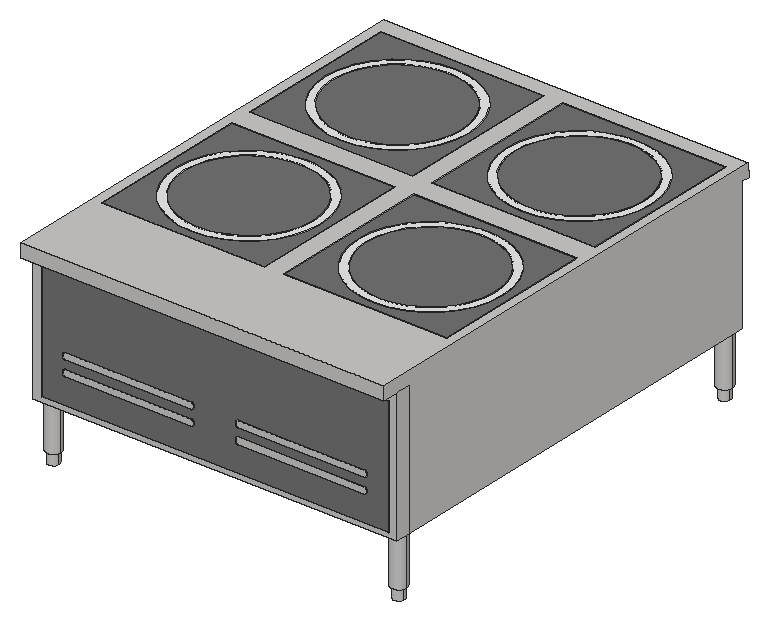
Revit family "QF_Vollrath_924HIDC", category Specialty Equipment, Revit 2016
Family settings
  Part Type = Normal
  Round Connector Dimension = Use Diameter
  OmniClass Number = 23.40.40.14.17.14
  OmniClass Title = Hot Plates
  Work Plane-Based = No
  Always vertical = Yes
  Cut with Voids When Loaded = No
  Shared = No
  Room Calculation Point = No
Parameters (values of type "240V")
  Weight in Pounds = 86
  Watts_2 = 5800 W
  Watts = 5800 W
  Watermarked By = "http://revitwatermark.com"
  Volts_2 = 240 V
  Volts = 240 V
  URL Cutsheet = ""
  URL = "www.vollrathco.com"
  Type Comments = ""
  Status [instance] = ""
  Specification by User [instance] = ""
  Specification by Manufacturer = ""
  Serial Number [instance] = ""
  Seismic Rating [instance] = ""
  Revision Code [instance] = ""
  Phase_2 = 1
  Phase = 1
  Number of Poles_2 [instance] = 1
  Number of Poles [instance] = 1
  NAFEM Spec ID Number [instance] = ""
  Model = "924HIDC"
  Masterspec = ""
  Manufacturer = "Vollrath"
  Item Number [instance] = ""
  Installed By [instance] = ""
  Height AFF [instance] = 36.00"
  Furnished By [instance] = ""
  Foodservice Equipment Identifier [instance] = yes
  FL Amps_2 = 24 A
  FL Amps = 24 A
  Electrical Remarks_2 [instance] = "DEDICATED CIRCUIT"
  Electrical Remarks [instance] = "DEDICATED CIRCUIT"
  Electric Connection Type_2 [instance] = ""
  Electric Connection Type [instance] = ""
  Elec Conn Two [instance] = ""
  Elec Conn RI Height_2 [instance] = 0.00"
  Elec Conn RI Height [instance] = 0.00"
  Elec Conn Connection Height_2 = 6.00"
  Elec Conn Connection Height = 6.00"
  Description = "Induction Hot Plate"
  Cycle_2 = 60 Hz
  Cycle = 60 Hz
  Conn Plug_2 = "NEMA 6-30P"
  Conn Plug = "NEMA 6-30P"
  CSI MasterFormat = "11 42 13"
  Assembly Code = "E1090320"
  Apparent Power_2 = Volts_2 * FL Amps_2 * sqrt(Phase_2)  # 5760 VA
  Apparent Power = if(Phase = 3, Volts * FL Amps * 1.73, Volts * FL Amps)  # 5760 VA
Types (2): name | Watts_2 | Watts | Volts_2 | Volts | Apparent Power_2 | Apparent Power
  208V | 5000 W | 5000 W | 208 V | 208 V | 4992 VA | 4992 VA
  240V | 5800 W | 5800 W | 240 V | 240 V | 5760 VA | 5760 VA
Reference planes (in)
  plane 1: z = 0
  plane 2 "LEFT": x = 48
  plane 3 "BACK": y = -48
  plane 4 "BOTTOM": z = 36
  plane 5 "FRONT": y = -78
  plane 6: z = 26.5796
  plane 7 "TOP": z = 49.625
  plane 8: y = -47.5
  plane 9: x = 56.69695
  plane 10: x = 47.5
  plane 11: y = -48.5
  plane 12: y = -77
  plane 13: x = 48.5
  plane 14: z = 36.75
  plane 15: z = 40
  plane 16: x = 59.37
  plane 17: x = 48.63
  plane 18: z = 48.75
  plane 19: z = 48.11159
  plane 20: x = 49.29917
  plane 21: z = 40.28782
  plane 22: y = -49.08388
  plane 23: y = -59.83388
  plane 24: z = 49.26188
  plane 25 "RIGHT": x = 72
  plane 26: x = 72.5
  plane 27: z = 41
  plane 28: x = 71
  plane 29: x = 49
  plane 30: z = 42.03173
  plane 31: z = 43.03173
Forms (in)
  Extrusion 1, solid, material "QF_Finishes_Stainless Steel", not visible
    sketch origin (0, -75.61667, 13.94238) x (-1, 0, 0) y (0, 0.422618, 0.906308)
      loop
        line (-61.50401, 16.83949) -> (-49.55058, 16.83949) -> (-49.55058, 21.54291) -> (-61.50401, 21.54291) -> (-61.50401, 16.83949)
      loop
        circle (-51.11798, 19.07879) r 1.25
      loop
        circle (-51.11798, 19.07879) r 1
      loop
        line (-54.03077, 21.06689) -> (-57.03077, 21.06689) -> (-57.03077, 20.31689) -> (-54.03077, 20.31689) -> (-54.03077, 21.06689)
      loop
        circle (-54.03077, 17.5068) r 0.25
      loop
        circle (-56.78077, 17.5068) r 0.25
    from 0 to 0.68909
  Extrusion 2, solid, material "QF_Finishes_Black", not visible
    sketch origin (0, -75.54289, 2.05167) x (-1, 0, 0) y (0, 0.422618, 0.906308)
      loop
        circle (-51.11798, 29.82425) r 1.25
      loop
        circle (-51.11798, 29.82425) r 1
    from -5.0921 to -4.40301
  Extrusion 3, solid, material "QF_Finishes_Black", not visible
    sketch origin (0, -75.78725, 14.03463) x (-1, 0, 0) y (0, 0.406737, 0.913545)
      loop
        line (-57.03077, 21.03676) -> (-57.03077, 20.35703) -> (-54.03077, 20.35703) -> (-54.03077, 21.03676) -> (-57.03077, 21.03676)
      loop
        circle (-54.03077, 17.5068) r 0.25
      loop
        circle (-56.78077, 17.5068) r 0.25
    from 0.54411 to 1.25
  Extrusion 4, solid, material "QF_Finishes_Dark Grey", not visible
    sketch origin (0, -70.09177, 5.66795) x (-1, 0, 0) y (0, 0.422618, 0.906308)
      loop
        circle (-52.11896, 26.29929) r 0.25
      loop
        circle (-53.36896, 26.29929) r 0.25
      loop
        circle (-54.61896, 26.29929) r 0.25
      loop
        circle (-55.86896, 26.29929) r 0.25
      loop
        circle (-57.11896, 26.29929) r 0.25
      loop
        circle (-58.36896, 26.29929) r 0.25
    from 7.45399 to 7.92109
  Extrusion 5, solid, material "QF_Finishes_Stainless Steel", not visible
    sketch origin (0, -61.5, 0) x (-1, 0, 0) y (0, 0, 1)
      loop
        circle (-49.14244, 32.63817) r 0.1236
    from 0 to 12
  Extrusion 6, solid, material "QF_Finishes_Stainless Steel", not visible
    sketch origin (24.25, -61.5, 0) x (-1, 0, 0) y (0, 0, 1)
      loop
        circle (-49.14244, 32.63817) r 0.1236
    from 0 to 12
  Extrusion 7, solid, material "QF_Finishes_Stainless Steel", not visible
    sketch origin (0.75781, -61.5, 0) x (-1, 0, 0) y (0, 0, 1)
      loop
        circle (-49.14244, 32.63817) r 0.1236
    from 0 to 12
  Extrusion 8, solid, material "QF_Finishes_Stainless Steel", not visible
    sketch origin (1.51562, -61.5, 0) x (-1, 0, 0) y (0, 0, 1)
      loop
        circle (-49.14244, 32.63817) r 0.1236
    from 0 to 12
  Extrusion 9, solid, material "QF_Finishes_Stainless Steel", not visible
    sketch origin (2.27344, -61.5, 0) x (-1, 0, 0) y (0, 0, 1)
      loop
        circle (-49.14244, 32.63817) r 0.1236
    from 0 to 12
  Extrusion 10, solid, material "QF_Finishes_Stainless Steel", not visible
    sketch origin (3.03125, -61.5, 0) x (-1, 0, 0) y (0, 0, 1)
      loop
        circle (-49.14244, 32.63817) r 0.1236
    from 0 to 12
  Extrusion 11, solid, material "QF_Finishes_Stainless Steel", not visible
    sketch origin (3.78906, -61.5, 0) x (-1, 0, 0) y (0, 0, 1)
      loop
        circle (-49.14244, 32.63817) r 0.1236
    from 0 to 12
  Extrusion 12, solid, material "QF_Finishes_Stainless Steel", not visible
    sketch origin (4.54687, -61.5, 0) x (-1, 0, 0) y (0, 0, 1)
      loop
        circle (-49.14244, 32.63817) r 0.1236
    from 0 to 12
  Extrusion 13, solid, material "QF_Finishes_Stainless Steel", not visible
    sketch origin (5.30469, -61.5, 0) x (-1, 0, 0) y (0, 0, 1)
      loop
        circle (-49.14244, 32.63817) r 0.1236
    from 0 to 12
  Extrusion 14, solid, material "QF_Finishes_Stainless Steel", not visible
    sketch origin (6.0625, -61.5, 0) x (-1, 0, 0) y (0, 0, 1)
      loop
        circle (-49.14244, 32.63817) r 0.1236
    from 0 to 12
  Extrusion 15, solid, material "QF_Finishes_Stainless Steel", not visible
    sketch origin (6.82031, -61.5, 0) x (-1, 0, 0) y (0, 0, 1)
      loop
        circle (-49.14244, 32.63817) r 0.1236
    from 0 to 12
  Extrusion 16, solid, material "QF_Finishes_Stainless Steel", not visible
    sketch origin (7.57812, -61.5, 0) x (-1, 0, 0) y (0, 0, 1)
      loop
        circle (-49.14244, 32.63817) r 0.1236
    from 0 to 12
  Extrusion 17, solid, material "QF_Finishes_Stainless Steel", not visible
    sketch origin (8.33594, -61.5, 0) x (-1, 0, 0) y (0, 0, 1)
      loop
        circle (-49.14244, 32.63817) r 0.1236
    from 0 to 12
  Extrusion 18, solid, material "QF_Finishes_Stainless Steel", not visible
    sketch origin (9.09375, -61.5, 0) x (-1, 0, 0) y (0, 0, 1)
      loop
        circle (-49.14244, 32.63817) r 0.1236
    from 0 to 12
  Extrusion 19, solid, material "QF_Finishes_Stainless Steel", not visible
    sketch origin (9.85156, -61.5, 0) x (-1, 0, 0) y (0, 0, 1)
      loop
        circle (-49.14244, 32.63817) r 0.1236
    from 0 to 12
  Extrusion 20, solid, material "QF_Finishes_Stainless Steel", not visible
    sketch origin (10.60937, -61.5, 0) x (-1, 0, 0) y (0, 0, 1)
      loop
        circle (-49.14244, 32.63817) r 0.1236
    from 0 to 12
  Extrusion 21, solid, material "QF_Finishes_Stainless Steel", not visible
    sketch origin (11.36719, -61.5, 0) x (-1, 0, 0) y (0, 0, 1)
      loop
        circle (-49.14244, 32.63817) r 0.1236
    from 0 to 12
  Extrusion 22, solid, material "QF_Finishes_Stainless Steel", not visible
    sketch origin (12.125, -61.5, 0) x (-1, 0, 0) y (0, 0, 1)
      loop
        circle (-49.14244, 32.63817) r 0.1236
    from 0 to 12
  Extrusion 23, solid, material "QF_Finishes_Stainless Steel", not visible
    sketch origin (12.88281, -61.5, 0) x (-1, 0, 0) y (0, 0, 1)
      loop
        circle (-49.14244, 32.63817) r 0.1236
    from 0 to 12
  Extrusion 24, solid, material "QF_Finishes_Stainless Steel", not visible
    sketch origin (13.64062, -61.5, 0) x (-1, 0, 0) y (0, 0, 1)
      loop
        circle (-49.14244, 32.63817) r 0.1236
    from 0 to 12
  Extrusion 25, solid, material "QF_Finishes_Stainless Steel", not visible
    sketch origin (14.39844, -61.5, 0) x (-1, 0, 0) y (0, 0, 1)
      loop
        circle (-49.14244, 32.63817) r 0.1236
    from 0 to 12
  Extrusion 26, solid, material "QF_Finishes_Stainless Steel", not visible
    sketch origin (15.15625, -61.5, 0) x (-1, 0, 0) y (0, 0, 1)
      loop
        circle (-49.14244, 32.63817) r 0.1236
    from 0 to 12
  Extrusion 27, solid, material "QF_Finishes_Stainless Steel", not visible
    sketch origin (15.91406, -61.5, 0) x (-1, 0, 0) y (0, 0, 1)
      loop
        circle (-49.14244, 32.63817) r 0.1236
    from 0 to 12
  Extrusion 28, solid, material "QF_Finishes_Stainless Steel", not visible
    sketch origin (16.67187, -61.5, 0) x (-1, 0, 0) y (0, 0, 1)
      loop
        circle (-49.14244, 32.63817) r 0.1236
    from 0 to 12
  Extrusion 29, solid, material "QF_Finishes_Stainless Steel", not visible
    sketch origin (17.42969, -61.5, 0) x (-1, 0, 0) y (0, 0, 1)
      loop
        circle (-49.14244, 32.63817) r 0.1236
    from 0 to 12
  Extrusion 30, solid, material "QF_Finishes_Stainless Steel", not visible
    sketch origin (18.1875, -61.5, 0) x (-1, 0, 0) y (0, 0, 1)
      loop
        circle (-49.14244, 32.63817) r 0.1236
    from 0 to 12
  Extrusion 31, solid, material "QF_Finishes_Stainless Steel", not visible
    sketch origin (18.94531, -61.5, 0) x (-1, 0, 0) y (0, 0, 1)
      loop
        circle (-49.14244, 32.63817) r 0.1236
    from 0 to 12
  Extrusion 32, solid, material "QF_Finishes_Stainless Steel", not visible
    sketch origin (19.70312, -61.5, 0) x (-1, 0, 0) y (0, 0, 1)
      loop
        circle (-49.14244, 32.63817) r 0.1236
    from 0 to 12
  Extrusion 33, solid, material "QF_Finishes_Stainless Steel", not visible
    sketch origin (20.46094, -61.5, 0) x (-1, 0, 0) y (0, 0, 1)
      loop
        circle (-49.14244, 32.63817) r 0.1236
    from 0 to 12
  Extrusion 34, solid, material "QF_Finishes_Stainless Steel", not visible
    sketch origin (21.21875, -61.5, 0) x (-1, 0, 0) y (0, 0, 1)
      loop
        circle (-49.14244, 32.63817) r 0.1236
    from 0 to 12
  Extrusion 35, solid, material "QF_Finishes_Stainless Steel", not visible
    sketch origin (21.97656, -61.5, 0) x (-1, 0, 0) y (0, 0, 1)
      loop
        circle (-49.14244, 32.63817) r 0.1236
    from 0 to 12
  Extrusion 36, solid, material "QF_Finishes_Stainless Steel", not visible
    sketch origin (22.73437, -61.5, 0) x (-1, 0, 0) y (0, 0, 1)
      loop
        circle (-49.14244, 32.63817) r 0.1236
    from 0 to 12
  Extrusion 37, solid, material "QF_Finishes_Stainless Steel", not visible
    sketch origin (23.49219, -61.5, 0) x (-1, 0, 0) y (0, 0, 1)
      loop
        circle (-49.14244, 32.63817) r 0.1236
    from 0 to 12
  Extrusion 38, solid, material "QF_Finishes_Stainless Steel", not visible
    sketch origin (0, -63.31853, -5.50809) x (1, 0, 0) y (0, 0.5, 0.866025)
      loop
        line (47.2877, 27.93) -> (47.2877, 25.68) -> (63.33689, 25.68) -> (63.33689, 27.93) -> (47.2877, 27.93)
      loop
        line (47.47803, 27.77623) -> (47.47803, 25.78901) -> (63.1877, 25.78901) -> (63.1877, 27.77623) -> (47.47803, 27.77623)
    from 18.14569 to 18.5
  Extrusion 39, solid, material "QF_Finishes_Stainless Steel", not visible
    sketch origin (0, -63.31853, -5.50809) x (1, 0, 0) y (0, 0.5, 0.866025)
      loop
        line (47.2877, 27.77623) -> (47.2877, 25.78901) -> (63.1877, 25.78901) -> (63.1877, 27.77623) -> (47.2877, 27.77623)
      loop
        line (47.47803, 27.66901) -> (47.47803, 25.91901) -> (63.08313, 25.91901) -> (63.08313, 27.66901) -> (47.47803, 27.66901)
    from 18.14569 to 18.5
  Extrusion 40, solid, material "QF_Finishes_Stainless Steel", not visible
    sketch origin (3, -63.31853, -5.50809) x (1, 0, 0) y (0, 0.5, 0.866025)
      loop
        line (55.07331, 27.05441) -> (55.07331, 26.55441) -> (56.82331, 26.55441) -> (56.82331, 27.05441) -> (55.07331, 27.05441)
      loop
        circle (53.94695, 26.80981) r 0.25
      loop
        circle (57.87771, 26.79276) r 0.25
      loop
        circle (59.12771, 26.79276) r 0.25
    from 18.14569 to 18.5
  Extrusion 41, solid, material "QF_Finishes_Stainless Steel", not visible
    sketch origin (0, -63.31853, -5.50809) x (1, 0, 0) y (0, 0.5, 0.866025)
      loop
        circle (56.94695, 26.80981) r 0.25
      loop
        circle (60.87771, 26.79276) r 0.25
      loop
        line (58.07331, 27.05441) -> (58.07331, 26.55441) -> (59.82331, 26.55441) -> (59.82331, 27.05441) -> (58.07331, 27.05441)
      loop
        circle (62.12771, 26.79276) r 0.25
    from 18.14569 to 18.5
  Extrusion 42, solid, material "QF_Finishes_Dark Grey", not visible
    sketch origin (0, -63.81619, -5.29253) x (1, 0, 0) y (0, 0.5, 0.866025)
      loop
        line (47.47803, 25.98116) -> (63.08313, 25.98116) -> (63.08313, 27.73116) -> (47.47803, 27.73116) -> (47.47803, 25.98116)
      loop
        circle (62.11833, 26.8549) r 0.25
      loop
        circle (60.86833, 26.8549) r 0.25
      loop
        line (59.81393, 26.61655) -> (59.81393, 27.11655) -> (58.06393, 27.11655) -> (58.06393, 26.61655) -> (59.81393, 26.61655)
      loop
        circle (56.93757, 26.87196) r 0.25
    from 17.96123 to 17.60693
  Extrusion 43, solid, material "QF_Finishes_Stainless Steel", not visible
    sketch origin (-4.5, -63.31853, -5.50809) x (1, 0, 0) y (0, 0.5, 0.866025)
      loop
        line (55.07331, 27.05441) -> (55.07331, 26.55441) -> (56.82331, 26.55441) -> (56.82331, 27.05441) -> (55.07331, 27.05441)
      loop
        circle (53.94695, 26.80981) r 0.25
      loop
        circle (57.87771, 26.79276) r 0.25
      loop
        circle (59.12771, 26.79276) r 0.25
    from 18.14569 to 18.5
  Extrusion 44, solid, material "QF_Finishes_Stainless Steel", not visible
    sketch origin (-7.5, -63.31853, -5.50809) x (1, 0, 0) y (0, 0.5, 0.866025)
      loop
        circle (56.94695, 26.80981) r 0.25
      loop
        circle (60.87771, 26.79276) r 0.25
      loop
        line (58.07331, 27.05441) -> (58.07331, 26.55441) -> (59.82331, 26.55441) -> (59.82331, 27.05441) -> (58.07331, 27.05441)
      loop
        circle (62.12771, 26.79276) r 0.25
    from 18.14569 to 18.76495
  Extrusion 45, solid, material "QF_Finishes_Stainless Steel"
    sketch origin (48, 0, 0) x (0, 1, 0) y (0, 0, 1)
      loop
        line (-76, 49.26188) -> (-78, 49.26188) -> (-78, 48.75) -> (-76, 48.75) -> (-76, 49.26188)
    from 0 to 12
  Extrusion 46, solid, material "QF_Finishes_Stainless Steel"
    sketch origin (0, 0, 0) x (1, 0, 0) y (0, 1, 0)
      loop
        line (60, -48) -> (48, -48) -> (48, -78) -> (60, -78) -> (60, -48)
      loop
        line (48.63, -49.08388) -> (48.63, -59.83388) -> (59.37, -59.83388) -> (59.37, -49.08388) -> (48.63, -49.08388)
      loop
        line (48.63, -61.36797) -> (48.63, -72.08388) -> (59.37, -72.08388) -> (59.37, -61.36797) -> (48.63, -61.36797)
    from 49.26188 to 49.625
  Extrusion 47, solid, material "QF_Finishes_Dark Grey"
    sketch origin (0, 0, 0) x (1, 0, 0) y (0, 1, 0)
      loop
        line (48.63, -49.08388) -> (48.63, -59.83388) -> (59.37, -59.83388) -> (59.37, -49.08388) -> (48.63, -49.08388)
      loop
        line (48.63, -61.36797) -> (48.63, -72.08388) -> (59.37, -72.08388) -> (59.37, -61.36797) -> (48.63, -61.36797)
      loop
        circle (54.07471, -54.51988) r 4.75
      loop
        circle (54.07471, -54.51988) r 4.25
      loop
        circle (54.07471, -66.76988) r 4.75
      loop
        circle (54.07471, -66.76988) r 4.25
    from 49.26188 to 49.625
  Extrusion 48, solid, material "QF_Finishes_White"
    sketch origin (0, 0, 0) x (1, 0, 0) y (0, 1, 0)
      loop
        circle (54.07471, -54.51988) r 4.75
      loop
        circle (54.07471, -54.51988) r 4.25
      loop
        circle (54.07471, -66.76988) r 4.75
      loop
        circle (54.07471, -66.76988) r 4.25
    from 49.26188 to 49.625
  Extrusion 49, solid, material "QF_Finishes_Stainless Steel"
    sketch origin (60, 0, 0) x (0, 1, 0) y (0, 0, 1)
      loop
        line (-76, 49.26188) -> (-78, 49.26188) -> (-78, 48.75) -> (-76, 48.75) -> (-76, 49.26188)
    from 0 to 12
  Extrusion 50, solid, material "QF_Finishes_Stainless Steel"
    sketch origin (12, 0, 0) x (1, 0, 0) y (0, 1, 0)
      loop
        line (60, -48) -> (48, -48) -> (48, -78) -> (60, -78) -> (60, -48)
      loop
        line (48.63, -49.08388) -> (48.63, -59.83388) -> (59.37, -59.83388) -> (59.37, -49.08388) -> (48.63, -49.08388)
      loop
        line (48.63, -61.36797) -> (48.63, -72.08388) -> (59.37, -72.08388) -> (59.37, -61.36797) -> (48.63, -61.36797)
    from 49.26188 to 49.625
  Extrusion 51, solid, material "QF_Finishes_Dark Grey"
    sketch origin (12, 0, 0) x (1, 0, 0) y (0, 1, 0)
      loop
        line (48.63, -49.08388) -> (48.63, -59.83388) -> (59.37, -59.83388) -> (59.37, -49.08388) -> (48.63, -49.08388)
      loop
        line (48.63, -61.36797) -> (48.63, -72.08388) -> (59.37, -72.08388) -> (59.37, -61.36797) -> (48.63, -61.36797)
      loop
        circle (54.07471, -54.51988) r 4.75
      loop
        circle (54.07471, -54.51988) r 4.25
      loop
        circle (54.07471, -66.76988) r 4.75
      loop
        circle (54.07471, -66.76988) r 4.25
    from 49.26188 to 49.625
  Extrusion 52, solid, material "QF_Finishes_White"
    sketch origin (12, 0, 0) x (1, 0, 0) y (0, 1, 0)
      loop
        circle (54.07471, -54.51988) r 4.75
      loop
        circle (54.07471, -54.51988) r 4.25
      loop
        circle (54.07471, -66.76988) r 4.75
      loop
        circle (54.07471, -66.76988) r 4.25
    from 49.26188 to 49.625
  Extrusion 53, solid, material "QF_Finishes_Stainless Steel"
    sketch origin (12, -48, 0) x (1, 0, 0) y (0, 0, 1)
      loop
        line (36, 48.75) -> (36, 40) -> (60, 40) -> (60, 48.75) -> (36, 48.75)
      loop
        line (59.5, 48.11159) -> (36.63, 48.11159) -> (36.63, 40.28782) -> (59.5, 40.28782) -> (59.5, 48.11159)
    from 28 to 29
  Extrusion 54, solid, material "QF_Finishes_Stainless Steel"
    sketch origin (48, 0, 0) x (0, 1, 0) y (0, 0, 1)
      loop
        line (-76, 49.26188) -> (-76, 40) -> (-48.5, 40) -> (-48.5, 48.75) -> (-48, 48.75) -> (-48, 49.26188) -> (-76, 49.26188)
    from 0 to 24
  Extrusion 55, solid, material "QF_Finishes_Clearances", detail levels coarse
    sketch origin (0, 0, 0) x (1, 0, 0) y (0, 1, 0)
      loop
        line (48, -78) -> (48, -48) -> (72, -48) -> (72, -78) -> (72.5, -78) -> (72.5, -47.5) -> (47.5, -47.5) -> (47.5, -78) -> (48, -78)
    from 36 to 49.625
  Extrusion 56, solid, material "QF_Finishes_Stainless Steel"
    sketch origin (0.09491, -0.62339, -10) x (1, 0, 0) y (0, 1, 0)
      loop
        circle (48.5, -48.5) r 0.5
    from 46.75 to 50
  Extrusion 57, solid, material "QF_Finishes_Stainless Steel"
    sketch origin (22.85343, -0.62339, -9.9353) x (1, 0, 0) y (0, 1, 0)
      loop
        circle (48.5, -48.5) r 0.5
    from 49.9353 to 46.6853
  Extrusion 58, solid, material "QF_Finishes_Stainless Steel"
    sketch origin (22.85343, 27.62661, -9.9353) x (1, 0, 0) y (0, 1, 0)
      loop
        circle (48.5, -76.75) r 0.35
    from 46.6853 to 45.9353
  Extrusion 59, solid, material "QF_Finishes_Stainless Steel"
    sketch origin (22.85343, -27.5, -9.9353) x (1, 0, 0) y (0, 1, 0)
      loop
        circle (48.5, -48.5) r 0.5
    from 49.9353 to 46.6853
  Extrusion 60, solid, material "QF_Finishes_Stainless Steel"
    sketch origin (22.85343, 0.75, -9.9353) x (1, 0, 0) y (0, 1, 0)
      loop
        circle (48.5, -76.75) r 0.35
    from 46.6853 to 45.9353
  Extrusion 61, solid, material "QF_Finishes_Stainless Steel"
    sketch origin (0.09491, -27.5, -10) x (1, 0, 0) y (0, 1, 0)
      loop
        circle (48.5, -48.5) r 0.5
    from 50 to 46.75
  Extrusion 62, solid, material "QF_Finishes_Stainless Steel"
    sketch origin (0.09491, 0.75, -10) x (1, 0, 0) y (0, 1, 0)
      loop
        circle (48.5, -76.75) r 0.35
    from 46.75 to 46
  Extrusion 63, solid, material "QF_Finishes_Stainless Steel"
    sketch origin (0, -48, 0) x (1, 0, 0) y (0, 0, 1)
      loop
        circle (71, 41) r 0.25
    from 0.11826 to 0.5
  Extrusion 64, solid, material "QF_Finishes_Stainless Steel"
    sketch origin (0, -48, 0) x (1, 0, 0) y (0, 0, 1)
      loop
        line (50.19658, 43.03173) -> (58.44658, 43.03173)
        arc (58.44658, 43.03173) -> (58.6673, 43.25245) -> (58.44658, 43.47317) r 0.22072
        line (58.44658, 43.47317) -> (50.19658, 43.47317)
        arc (50.19658, 43.47317) -> (49.97587, 43.25245) -> (50.19658, 43.03173) r 0.22072
      loop
        line (50.19658, 42.03173) -> (58.44658, 42.03173)
        arc (58.44658, 42.03173) -> (58.6673, 42.25245) -> (58.44658, 42.47317) r 0.22072
        line (58.44658, 42.47317) -> (50.19658, 42.47317)
        arc (50.19658, 42.47317) -> (49.97587, 42.25245) -> (50.19658, 42.03173) r 0.22072
      loop
        line (61.59759, 43.03173) -> (69.84759, 43.03173)
        arc (69.84759, 43.03173) -> (70.06831, 43.25245) -> (69.84759, 43.47317) r 0.22072
        line (69.84759, 43.47317) -> (61.59759, 43.47317)
        arc (61.59759, 43.47317) -> (61.37687, 43.25245) -> (61.59759, 43.03173) r 0.22072
      loop
        line (61.59759, 42.03173) -> (69.84759, 42.03173)
        arc (69.84759, 42.03173) -> (70.06831, 42.25245) -> (69.84759, 42.47317) r 0.22072
        line (69.84759, 42.47317) -> (61.59759, 42.47317)
        arc (61.59759, 42.47317) -> (61.37687, 42.25245) -> (61.59759, 42.03173) r 0.22072
    from 28 to 29
  Extrusion 65, solid, material "QF_Finishes_Dark Grey"
    sketch origin (0, -48, 0) x (1, 0, 0) y (0, 0, 1)
      loop
        line (48.63, 48.11159) -> (48.63, 40.28782) -> (71.5, 40.28782) -> (71.5, 48.11159) -> (48.63, 48.11159)
      loop
        arc (50.19658, 43.47317) -> (49.97587, 43.25245) -> (50.19658, 43.03173) r 0.22072
        line (50.19658, 43.03173) -> (58.44658, 43.03173)
        arc (58.44658, 43.03173) -> (58.6673, 43.25245) -> (58.44658, 43.47317) r 0.22072
        line (58.44658, 43.47317) -> (50.19658, 43.47317)
      loop
        arc (58.44658, 42.03173) -> (58.6673, 42.25245) -> (58.44658, 42.47317) r 0.22072
        line (58.44658, 42.47317) -> (50.19658, 42.47317)
        arc (50.19658, 42.47317) -> (49.97587, 42.25245) -> (50.19658, 42.03173) r 0.22072
        line (50.19658, 42.03173) -> (58.44658, 42.03173)
      loop
        arc (61.59759, 43.47926) -> (61.37687, 43.25854) -> (61.59759, 43.03782) r 0.22072
        line (61.59759, 43.03782) -> (69.84759, 43.03782)
        arc (69.84759, 43.03782) -> (70.06831, 43.25854) -> (69.84759, 43.47926) r 0.22072
        line (69.84759, 43.47926) -> (61.59759, 43.47926)
      loop
        arc (61.59759, 42.47926) -> (61.37687, 42.25854) -> (61.59759, 42.03782) r 0.22072
        line (61.59759, 42.03782) -> (69.84759, 42.03782)
        arc (69.84759, 42.03782) -> (70.06831, 42.25854) -> (69.84759, 42.47926) r 0.22072
        line (69.84759, 42.47926) -> (61.59759, 42.47926)
    from 28 to 29
  Extrusion 66, solid, material "QF_Finishes_Stainless Steel"
    sketch origin (-21.70083, -48, 0) x (1, 0, 0) y (0, 0, 1)
      loop
        circle (71, 41) r 0.25
    from 0.11826 to 0.5
Cuts and joins
  joined: Extrusion 45, Extrusion 46, Extrusion 49, Extrusion 50, Extrusion 54
Lines and regions (in)
  symbolic lines
    curve 1: line (48, -78, 0) -> (60, -78, 0)
    curve 2: line (60, -78, 0) -> (60, -48, 0)
    curve 3: line (48, -48, 0) -> (48, -78, 0)
    curve 4: line (60, -48, 0) -> (48, -48, 0)
    curve 5: line (59.37, -49.08388, 0) -> (48.63, -49.08388, 0)
    curve 6: line (48.63, -49.08388, 0) -> (48.63, -59.83388, 0)
    curve 7: arc (58.82471, -54.51988, 0) -> (54.07471, -49.76988, 0) -> (49.32471, -54.51988, 0) r 4.75
    curve 8: arc (49.82471, -54.51988, 0) -> (54.07471, -50.26988, 0) -> (58.32471, -54.51988, 0) r 4.25
    curve 9: arc (58.32471, -54.51988, 0) -> (54.07471, -58.76988, 0) -> (49.82471, -54.51988, 0) r 4.25
    curve 10: arc (49.32471, -54.51988, 0) -> (54.07471, -59.26988, 0) -> (58.82471, -54.51988, 0) r 4.75
    curve 11: line (59.37, -59.83388, 0) -> (59.37, -49.08388, 0)
    curve 12: line (48.63, -59.83388, 0) -> (59.37, -59.83388, 0)
    curve 13: line (59.37, -72.08388, 0) -> (59.37, -61.36797, 0)
    curve 14: line (59.37, -61.36797, 0) -> (48.63, -61.36797, 0)
    curve 15: arc (58.32471, -66.76988, 0) -> (54.07471, -62.51988, 0) -> (49.82471, -66.76988, 0) r 4.25
    curve 16: line (48.63, -61.36797, 0) -> (48.63, -72.08388, 0)
    curve 17: arc (58.32471, -66.76988, 0) -> (54.07471, -71.01988, 0) -> (49.82471, -66.76988, 0) r 4.25
    curve 18: arc (49.32471, -66.76988, 0) -> (54.07471, -71.51988, 0) -> (58.82471, -66.76988, 0) r 4.75
    curve 19: line (48.63, -72.08388, 0) -> (59.37, -72.08388, 0)
    curve 20: line (48, -77, 0) -> (72, -77, 0)
    curve 21: arc (58.82471, -66.76988, 0) -> (54.07471, -62.01988, 0) -> (49.32471, -66.76988, 0) r 4.75
    curve 25: line (71.37, -61.36797, 0) -> (71.37, -72.08388, 0)
    curve 26: arc (70.32471, -66.76988, 0) -> (66.07471, -71.01988, 0) -> (61.82471, -66.76988, 0) r 4.25
    curve 27: arc (61.32471, -66.76988, 0) -> (66.07471, -71.51988, 0) -> (70.82471, -66.76988, 0) r 4.75
    curve 28: line (72, -78, 0) -> (72, -48, 0)
    curve 29: line (71.37, -72.08388, 0) -> (60.63, -72.08388, 0)
    curve 30: line (60, -78, 0) -> (72, -78, 0)
    curve 31: line (60.63, -72.08388, 0) -> (60.63, -61.36797, 0)
    curve 32: arc (61.82471, -66.76988, 0) -> (66.07471, -62.51988, 0) -> (70.32471, -66.76988, 0) r 4.25
    curve 33: arc (70.82471, -66.76988, 0) -> (66.07471, -62.01988, 0) -> (61.32471, -66.76988, 0) r 4.75
    curve 34: line (60.63, -61.36797, 0) -> (71.37, -61.36797, 0)
    curve 35: arc (61.32471, -54.51988, 0) -> (66.07471, -59.26988, 0) -> (70.82471, -54.51988, 0) r 4.75
    curve 36: arc (70.32471, -54.51988, 0) -> (66.07471, -58.76988, 0) -> (61.82471, -54.51988, 0) r 4.25
    curve 37: line (71.37, -59.83388, 0) -> (60.63, -59.83388, 0)
    curve 38: line (60.63, -59.83388, 0) -> (60.63, -49.08388, 0)
    curve 39: line (71.37, -49.08388, 0) -> (71.37, -59.83388, 0)
    curve 40: arc (61.82471, -54.51988, 0) -> (66.07471, -50.26988, 0) -> (70.32471, -54.51988, 0) r 4.25
    curve 41: arc (70.82471, -54.51988, 0) -> (66.07471, -49.76988, 0) -> (61.32471, -54.51988, 0) r 4.75
    curve 42: line (60.63, -49.08388, 0) -> (71.37, -49.08388, 0)
    curve 43: line (72, -48, 0) -> (60, -48, 0)
  symbolic lines, style "QF_Clearances"
    curve 22: line (47.5, -78, 0) -> (47.5, -47.5, 0)
    curve 23: line (47.5, -47.5, 0) -> (72.5, -47.5, 0)
    curve 24: line (72.5, -47.5, 0) -> (72.5, -78, 0)
Dimensions and locks (in)
  "Height AFF": plane 4 "BOTTOM" to level
  plane 5 "FRONT" to plane 3 "BACK" = 30.00"
  plane 3 "BACK" to plane 8 = 0.50"
  plane 8 to plane 11 = 1.00"
  plane 10 to plane 13 = 1.00"
  locked: plane 12 to plane 5 "FRONT" at 1
  locked: plane 14 to plane 4 "BOTTOM" at 0.75
  locked: plane 15 to plane 14 at 3.25
  plane 22 to plane 23 = 10.75"
  locked: plane 21 to plane 15 at 0.28782
  locked: plane 18 to plane 19 at 0.63841
  locked: plane 7 "TOP" to plane 18 at 0.875
  locked: plane 24 to plane 7 "TOP" at 0.36312
  locked: Extrusion 63 sketch curve to plane 15 at 1
  locked: plane 27 to plane 21 at 0.71218
  locked: plane 30 to plane 27 at 1.03173
  locked: plane 31 to plane 30 at 1
  locked: plane 19 to plane 31 at 5.07986
  aligned and locked: level to plane 1
  aligned and locked: Extrusion 2 sketch curve to Extrusion 1  (x4)
  aligned and locked: Extrusion 39 sketch curve to Extrusion 38
  aligned and locked: Extrusion 38 to Extrusion 39 sketch curve
  aligned and locked: Extrusion 41 sketch curve to Extrusion 40  (x2)
  aligned and locked: Extrusion 39 to Extrusion 42 sketch curve
  aligned and locked: Extrusion 42 sketch curve to Extrusion 39
  aligned and locked: Extrusion 41 to Extrusion 42 sketch curve
  aligned and locked: Extrusion 42 sketch curve to Extrusion 41
  aligned and locked: Extrusion 44 sketch curve to Extrusion 43  (x2)
  aligned and locked: Extrusion 45 sketch curve to plane 18
  aligned and locked: Extrusion 45 sketch curve to plane 5 "FRONT"
  aligned and locked: Extrusion 46 sketch curve to cut or joined group of Extrusion 45, Extrusion 46, Extrusion 49, Extrusion 50, Extrusion 54  (x3)
  aligned and locked: plane 7 "TOP" to Extrusion 46
  aligned and locked: Extrusion 46 to cut or joined group of Extrusion 45, Extrusion 46, Extrusion 49, Extrusion 50, Extrusion 54
  aligned and locked: plane 16 to Extrusion 46  (x2)
  aligned and locked: Extrusion 46 to plane 22
  aligned and locked: plane 17 to Extrusion 46  (x2)
  aligned and locked: plane 23 to Extrusion 46
  aligned and locked: plane 16 to cut or joined group of Extrusion 45, Extrusion 46, Extrusion 49, Extrusion 50, Extrusion 54  (x2)
  aligned and locked: plane 24 to Extrusion 46
  aligned and locked: Extrusion 47 sketch curve to cut or joined group of Extrusion 45, Extrusion 46, Extrusion 49, Extrusion 50, Extrusion 54  (x8)
  aligned and locked: Extrusion 48 sketch curve to Extrusion 47  (x8)
  aligned and locked: plane 7 "TOP" to Extrusion 47
  aligned and locked: cut or joined group of Extrusion 45, Extrusion 46, Extrusion 49, Extrusion 50, Extrusion 54 to Extrusion 47
  aligned and locked: plane 7 "TOP" to Extrusion 48
  aligned and locked: cut or joined group of Extrusion 45, Extrusion 46, Extrusion 49, Extrusion 50, Extrusion 54 to Extrusion 48
  aligned and locked: Extrusion 52 sketch curve to Extrusion 51  (x8)
  aligned and locked: plane 7 "TOP" to Extrusion 50
  aligned and locked: Extrusion 50 to cut or joined group of Extrusion 45, Extrusion 46, Extrusion 49, Extrusion 50, Extrusion 54
  aligned and locked: plane 18 to Extrusion 53
  aligned and locked: Extrusion 53 to plane 19
  aligned and locked: plane 21 to Extrusion 53
  aligned and locked: cut or joined group of Extrusion 45, Extrusion 46, Extrusion 49, Extrusion 50, Extrusion 54 to Extrusion 51
  aligned and locked: plane 7 "TOP" to Extrusion 51
  aligned and locked: cut or joined group of Extrusion 45, Extrusion 46, Extrusion 49, Extrusion 50, Extrusion 54 to Extrusion 52
  aligned and locked: plane 7 "TOP" to Extrusion 52
  aligned: Extrusion 58 to Extrusion 57
  aligned and locked: Extrusion 60 to Extrusion 59
  aligned and locked: Extrusion 62 to Extrusion 61
  aligned and locked: Extrusion 55 to cut or joined group of Extrusion 45, Extrusion 46, Extrusion 49, Extrusion 50, Extrusion 54
  aligned: Extrusion 55 to Extrusion 56
  aligned and locked: Extrusion 55 to plane 4 "BOTTOM"
  aligned and locked: plane 15 to Extrusion 59
  aligned and locked: plane 15 to Extrusion 61
  aligned and locked: Extrusion 61 to plane 14
  aligned and locked: Extrusion 59 to plane 14
  aligned and locked: Extrusion 60 to plane 4 "BOTTOM"
  aligned and locked: Extrusion 62 to plane 4 "BOTTOM"
  aligned and locked: plane 15 to Extrusion 56
  aligned and locked: Extrusion 56 to plane 14
  aligned and locked: plane 15 to Extrusion 57
  aligned and locked: Extrusion 57 to plane 14
  aligned and locked: plane 14 to Extrusion 58
  aligned and locked: Extrusion 58 to plane 4 "BOTTOM"
  aligned and locked: plane 19 to Extrusion 65
  aligned and locked: Extrusion 65 to plane 21
  aligned: Extrusion 64 to Extrusion 65  (x4)
  aligned and locked: Extrusion 64 to Extrusion 65  (x2)
  aligned and locked: Extrusion 65 to Extrusion 64  (x2)
Automatic sketch dimensions
  Extrusion 1 sketch curve to Extrusion 1 sketch curve = 0.00"  (x5)
  Extrusion 1 sketch curve to Extrusion 1 sketch curve = 4.47324"
  Extrusion 1 sketch curve to Extrusion 1 sketch curve = 0.25"
  Extrusion 1 sketch curve to Extrusion 1 sketch curve = 3.00"
  Extrusion 1 sketch curve to Extrusion 1 sketch curve = 2.75"
  Extrusion 1 sketch curve to Extrusion 1 sketch curve = 1.56739"
  Extrusion 1 sketch curve to Extrusion 1 sketch curve = 0.66732"
  Extrusion 1 sketch curve to Extrusion 1 sketch curve = 2.2393"
  Extrusion 1 sketch curve to Extrusion 1 sketch curve = 2.81008"
  Extrusion 1 sketch curve to Extrusion 1 sketch curve = 0.75"
  Extrusion 3 sketch curve to Extrusion 3 sketch curve = 3.00"
  Extrusion 1 sketch curve to Extrusion 1 sketch curve = 2.46412"
  Extrusion 3 sketch curve to Extrusion 3 sketch curve = 0.00"  (x6)
  Extrusion 3 sketch curve to Extrusion 3 sketch curve = 0.25"  (x2)
  Extrusion 3 sketch curve to Extrusion 3 sketch curve = 2.25"
  Extrusion 3 sketch curve to Extrusion 3 sketch curve = 2.85023"
  Extrusion 3 sketch curve to Extrusion 3 sketch curve = 0.67973"
  Extrusion 1 sketch curve to Extrusion 1 sketch curve = 2.9128"
  Extrusion 4 sketch curve to Extrusion 4 sketch curve = 1.25"  (x5)
  Extrusion 4 sketch curve to Extrusion 4 sketch curve = 0.00"  (x5)
  Extrusion 38 sketch curve to Extrusion 38 sketch curve = 0.19033"
  Extrusion 38 sketch curve to Extrusion 38 sketch curve = 0.14919"
  Extrusion 38 sketch curve to Extrusion 38 sketch curve = 0.10901"
  Extrusion 38 sketch curve to Extrusion 38 sketch curve = 1.98721"
  Extrusion 38 sketch curve to Extrusion 38 sketch curve = 0.15377"
  Extrusion 39 sketch curve to Extrusion 39 sketch curve = 0.19033"
  Extrusion 39 sketch curve to Extrusion 39 sketch curve = 0.10457"
  Extrusion 39 sketch curve to Extrusion 39 sketch curve = 0.13"
  Extrusion 39 sketch curve to Extrusion 39 sketch curve = 0.10721"
  Extrusion 40 sketch curve to Extrusion 40 sketch curve = 1.0544"
  Extrusion 40 sketch curve to Extrusion 40 sketch curve = 1.25"
  Extrusion 40 sketch curve to Extrusion 40 sketch curve = 0.23835"
  Extrusion 40 sketch curve to Extrusion 40 sketch curve = 0.00"
  Extrusion 40 sketch curve to Extrusion 40 sketch curve = 0.25541"
  Extrusion 40 sketch curve to Extrusion 40 sketch curve = 0.50"
  Extrusion 41 sketch curve to Extrusion 41 sketch curve = 0.25"  (x3)
  Extrusion 41 sketch curve to Extrusion 41 sketch curve = 0.8044"
  Extrusion 41 sketch curve to Extrusion 41 sketch curve = 0.75"
  Extrusion 41 sketch curve to Extrusion 41 sketch curve = 0.23835"
  Extrusion 41 sketch curve to Extrusion 41 sketch curve = 0.00"  (x4)
  Extrusion 41 sketch curve to Extrusion 41 sketch curve = 0.24459"
  plane 9 to Extrusion 42 sketch curve = 0.00939"
  Extrusion 42 sketch curve to plane 9 = 0.24061"
  Extrusion 42 sketch curve to Extrusion 42 sketch curve = 0.8044"
  Extrusion 42 sketch curve to Extrusion 42 sketch curve = 0.25"  (x2)
  Extrusion 42 sketch curve to Extrusion 42 sketch curve = 0.75"
  Extrusion 42 sketch curve to Extrusion 42 sketch curve = 0.7148"
  Extrusion 42 sketch curve to Extrusion 42 sketch curve = 0.23835"
  Extrusion 42 sketch curve to Extrusion 42 sketch curve = 0.00"  (x3)
  Extrusion 42 sketch curve to Extrusion 42 sketch curve = 0.24459"
  Extrusion 39 sketch curve to Extrusion 39 sketch curve = 15.6051"
  Extrusion 39 sketch curve to Extrusion 39 sketch curve = 1.75"
  Extrusion 40 sketch curve to Extrusion 40 sketch curve = 1.12636"
  Extrusion 40 sketch curve to Extrusion 40 sketch curve = 1.75"
  Extrusion 41 sketch curve to Extrusion 41 sketch curve = 0.87636"
  Extrusion 41 sketch curve to Extrusion 41 sketch curve = 1.75"
  plane 9 to Extrusion 42 sketch curve = 9.21892"
  Extrusion 42 sketch curve to Extrusion 42 sketch curve = 0.87636"
  Extrusion 42 sketch curve to Extrusion 42 sketch curve = 1.75"
  Extrusion 43 sketch curve to Extrusion 43 sketch curve = 1.12636"
  Extrusion 43 sketch curve to Extrusion 43 sketch curve = 1.75"
  Extrusion 44 sketch curve to Extrusion 44 sketch curve = 0.87636"
  Extrusion 44 sketch curve to Extrusion 44 sketch curve = 1.75"
  Extrusion 38 sketch curve to Extrusion 38 sketch curve = 15.70967"
  Extrusion 43 sketch curve to Extrusion 43 sketch curve = 1.0544"
  Extrusion 43 sketch curve to Extrusion 43 sketch curve = 1.25"
  Extrusion 43 sketch curve to Extrusion 43 sketch curve = 0.23835"
  Extrusion 43 sketch curve to Extrusion 43 sketch curve = 0.00"
  Extrusion 43 sketch curve to Extrusion 43 sketch curve = 0.25541"
  Extrusion 43 sketch curve to Extrusion 43 sketch curve = 0.50"
  Extrusion 44 sketch curve to Extrusion 44 sketch curve = 0.00"  (x7)
  Extrusion 44 sketch curve to Extrusion 44 sketch curve = 0.25"  (x3)
  Extrusion 44 sketch curve to Extrusion 44 sketch curve = 0.8044"
  Extrusion 44 sketch curve to Extrusion 44 sketch curve = 0.75"
  Extrusion 44 sketch curve to Extrusion 44 sketch curve = 0.23835"
  Extrusion 44 sketch curve to Extrusion 44 sketch curve = 0.24459"
  curve 7 to curve 8 = 0.00"  (x2)
  curve 7 to curve 9 = 0.00"  (x2)
  curve 7 to curve 10 = 0.00"  (x2)
  curve 8 to curve 9 = 0.00"  (x2)
  curve 8 to curve 10 = 0.00"  (x2)
  curve 9 to curve 10 = 0.00"  (x2)
  curve 15 to curve 17 = 0.00"  (x2)
  curve 15 to curve 18 = 0.00"  (x2)
  curve 15 to curve 21 = 0.00"  (x2)
  curve 17 to curve 18 = 0.00"  (x2)
  curve 17 to curve 21 = 0.00"  (x2)
  curve 18 to curve 21 = 0.00"  (x2)
  curve 26 to curve 27 = 0.00"  (x2)
  curve 26 to curve 32 = 0.00"  (x2)
  curve 26 to curve 33 = 0.00"  (x2)
  curve 27 to curve 32 = 0.00"  (x2)
  curve 27 to curve 33 = 0.00"  (x2)
  curve 32 to curve 33 = 0.00"  (x2)
  curve 35 to curve 36 = 0.00"  (x2)
  curve 35 to curve 40 = 0.00"  (x2)
  curve 35 to curve 41 = 0.00"  (x2)
  curve 36 to curve 40 = 0.00"  (x2)
  curve 36 to curve 41 = 0.00"  (x2)
  curve 40 to curve 41 = 0.00"  (x2)
  curve 23 to plane 8 = 0.00"
  curve 23 to plane 10 = 0.00"
  curve 1 to plane 2 "LEFT" = 0.00"
  curve 14 to plane 17 = 0.00"
  curve 5 to plane 17 = 0.00"
  curve 11 to plane 16 = 0.00"
  curve 13 to plane 16 = 0.00"
  plane 3 "BACK" to curve 4 = 0.00"
  curve 30 to plane 5 "FRONT" = 0.00"
  curve 42 to plane 22 = 0.00"
  curve 38 to plane 23 = 0.00"
  curve 28 to plane 25 "RIGHT" = 0.00"
  curve 23 to plane 26 = 0.00"
  curve 22 to plane 5 "FRONT" = 0.00"
  curve 24 to plane 5 "FRONT" = 0.00"
  curve 20 to plane 12 = 0.00"
  curve 12 to plane 23 = 0.00"
  curve 11 to plane 22 = 0.00"
  plane 20 to curve 7 = 0.02554"
  plane 20 to curve 18 = 0.02554"
  curve 7 to curve 9 = 0.50"
  curve 18 to curve 17 = 0.50"
  curve 8 to curve 10 = 4.25"
  curve 15 to curve 21 = 4.25"
  curve 4 to plane 16 = 0.63"
  curve 34 to plane 16 = 1.26"
  curve 2 to curve 42 = 0.63"
  curve 33 to plane 16 = 1.95471"
  curve 41 to plane 16 = 1.95471"
  curve 27 to curve 32 = 0.50"
  curve 35 to curve 36 = 0.50"
  curve 36 to curve 41 = 4.25"
  curve 26 to curve 32 = 4.25"
  curve 37 to plane 28 = 0.37"
  curve 34 to plane 28 = 0.37"
  plane 12 to curve 19 = 4.91612"
  curve 13 to curve 29 = 0.00"
  curve 29 to curve 26 = 5.314"
  curve 16 to curve 21 = 5.314"
  curve 16 to curve 6 = 1.5341"
  curve 13 to curve 34 = 0.00"
  plane 23 to curve 9 = 5.314"
  plane 23 to curve 41 = 5.314"
  plane 24 to Extrusion 45 sketch curve = 0.00"
  plane 12 to Extrusion 45 sketch curve = 1.00"
  Extrusion 46 sketch curve to plane 17 = 0.00"  (x2)
  Extrusion 46 sketch curve to plane 16 = 0.00"  (x2)
  Extrusion 46 sketch curve to plane 23 = 0.00"
  Extrusion 46 sketch curve to plane 22 = 0.00"
  plane 3 "BACK" to Extrusion 46 sketch curve = 0.00"
  plane 12 to Extrusion 46 sketch curve = 4.91612"
  Extrusion 46 sketch curve to plane 23 = 1.5341"
  Extrusion 47 sketch curve to Extrusion 47 sketch curve = 0.00"  (x4)
  plane 20 to Extrusion 47 sketch curve = 4.77554"  (x2)
  Extrusion 47 sketch curve to plane 23 = 6.936"
  plane 23 to Extrusion 47 sketch curve = 5.314"
  Extrusion 49 sketch curve to plane 5 "FRONT" = 0.00"
  Extrusion 49 sketch curve to plane 18 = 0.00"
  plane 24 to Extrusion 49 sketch curve = 0.00"
  plane 12 to Extrusion 49 sketch curve = 1.00"
  plane 3 "BACK" to Extrusion 50 sketch curve = 0.00"
  Extrusion 50 sketch curve to plane 5 "FRONT" = 0.00"
  Extrusion 50 sketch curve to plane 23 = 0.00"
  Extrusion 50 sketch curve to plane 22 = 0.00"
  Extrusion 50 sketch curve to plane 25 "RIGHT" = 0.00"
  Extrusion 50 sketch curve to plane 28 = 0.37"  (x2)
  Extrusion 50 sketch curve to plane 16 = 1.26"  (x2)
  Extrusion 50 sketch curve to plane 16 = 0.63"
  plane 12 to Extrusion 50 sketch curve = 4.91612"
  Extrusion 50 sketch curve to plane 23 = 1.5341"
  Extrusion 51 sketch curve to Extrusion 51 sketch curve = 0.00"  (x4)
  Extrusion 51 sketch curve to plane 22 = 0.00"
  Extrusion 51 sketch curve to plane 23 = 0.00"
  Extrusion 51 sketch curve to plane 16 = 1.26"  (x2)
  plane 28 to Extrusion 51 sketch curve = 4.92529"  (x2)
  Extrusion 51 sketch curve to plane 28 = 0.37"  (x2)
  Extrusion 51 sketch curve to plane 23 = 1.5341"
  Extrusion 51 sketch curve to plane 23 = 6.936"
  plane 12 to Extrusion 51 sketch curve = 4.91612"
  plane 23 to Extrusion 51 sketch curve = 5.314"
  Extrusion 53 sketch curve to plane 2 "LEFT" = 0.00"
  Extrusion 53 sketch curve to plane 17 = 0.00"
  Extrusion 53 sketch curve to plane 21 = 0.00"
  Extrusion 53 sketch curve to plane 19 = 0.00"
  Extrusion 53 sketch curve to plane 15 = 0.00"
  plane 25 "RIGHT" to Extrusion 53 sketch curve = 0.00"
  Extrusion 53 sketch curve to plane 18 = 0.00"
  plane 25 "RIGHT" to Extrusion 53 sketch curve = 0.50"
  plane 24 to Extrusion 54 sketch curve = 0.00"
  Extrusion 54 sketch curve to plane 15 = 0.00"
  Extrusion 54 sketch curve to plane 11 = 0.00"
  Extrusion 54 sketch curve to plane 3 "BACK" = 0.00"
  Extrusion 54 sketch curve to plane 18 = 0.00"
  plane 12 to Extrusion 54 sketch curve = 1.00"
  Extrusion 55 sketch curve to plane 5 "FRONT" = 0.00"  (x2)
  Extrusion 55 sketch curve to plane 10 = 0.00"
  Extrusion 55 sketch curve to plane 2 "LEFT" = 0.00"
  Extrusion 55 sketch curve to plane 25 "RIGHT" = 0.00"
  Extrusion 55 sketch curve to plane 8 = 0.00"
  Extrusion 55 sketch curve to plane 26 = 0.00"
  plane 3 "BACK" to Extrusion 55 sketch curve = 0.00"
  Extrusion 56 sketch curve to plane 17 = 0.03509"
  Extrusion 56 sketch curve to plane 22 = 0.03952"
  Extrusion 57 sketch curve to plane 22 = 0.03952"
  Extrusion 57 sketch curve to plane 28 = 0.35343"
  Extrusion 58 sketch curve to plane 22 = 0.03952"
  Extrusion 58 sketch curve to plane 28 = 0.35343"
  Extrusion 59 sketch curve to plane 28 = 0.35343"
  plane 12 to Extrusion 59 sketch curve = 1.00"
  Extrusion 60 sketch curve to plane 28 = 0.35343"
  plane 12 to Extrusion 60 sketch curve = 1.00"
  Extrusion 61 sketch curve to plane 17 = 0.03509"
  plane 12 to Extrusion 61 sketch curve = 1.00"
  Extrusion 62 sketch curve to plane 17 = 0.03509"
  plane 12 to Extrusion 62 sketch curve = 1.00"
  plane 28 to Extrusion 63 sketch curve = 0.00"
  Extrusion 64 sketch curve to plane 31 = 0.00"  (x2)
  Extrusion 64 sketch curve to plane 30 = 0.00"  (x2)
  plane 20 to Extrusion 64 sketch curve = 0.89742"
  Extrusion 64 sketch curve to Extrusion 64 sketch curve = 0.00"  (x4)
  plane 16 to Extrusion 64 sketch curve = 0.92342"
  plane 31 to Extrusion 64 sketch curve = 0.22072"  (x2)
  Extrusion 64 sketch curve to plane 16 = 2.22759"
  plane 30 to Extrusion 64 sketch curve = 0.44144"
  plane 28 to Extrusion 64 sketch curve = 1.15241"
  Extrusion 64 sketch curve to Extrusion 64 sketch curve = 0.22072"
  Extrusion 65 sketch curve to plane 17 = 0.00"
  Extrusion 65 sketch curve to plane 30 = 0.00"
  Extrusion 65 sketch curve to plane 31 = 0.00"
  Extrusion 65 sketch curve to plane 21 = 0.00"
  Extrusion 65 sketch curve to plane 19 = 0.00"
  plane 30 to Extrusion 65 sketch curve = 0.44144"
  plane 20 to Extrusion 65 sketch curve = 0.89742"
  plane 31 to Extrusion 65 sketch curve = 0.22072"
  Extrusion 65 sketch curve to Extrusion 65 sketch curve = 0.00"  (x4)
  plane 16 to Extrusion 65 sketch curve = 0.92342"
  plane 31 to Extrusion 65 sketch curve = 0.00609"
  Extrusion 65 sketch curve to plane 16 = 2.22759"
  plane 30 to Extrusion 65 sketch curve = 0.00609"
  plane 30 to Extrusion 65 sketch curve = 0.44753"
  plane 28 to Extrusion 65 sketch curve = 1.15241"
  plane 25 "RIGHT" to Extrusion 65 sketch curve = 0.50"
  Extrusion 65 sketch curve to Extrusion 65 sketch curve = 0.22072"
  Extrusion 66 sketch curve to plane 20 = 0.00"
  Extrusion 66 sketch curve to plane 27 = 0.00"
  radius of Extrusion 1 sketch curve = 1.25"
  radius of Extrusion 1 sketch curve = 1.00"
  radius of Extrusion 1 sketch curve = 0.25"  (x2)
  radius of Extrusion 4 sketch curve = 0.25"  (x6)
  radius of Extrusion 5 sketch curve = 0.1236"
  radius of Extrusion 6 sketch curve = 0.1236"
  radius of Extrusion 7 sketch curve = 0.1236"
  radius of Extrusion 8 sketch curve = 0.1236"
  radius of Extrusion 9 sketch curve = 0.1236"
  radius of Extrusion 10 sketch curve = 0.1236"
  radius of Extrusion 11 sketch curve = 0.1236"
  radius of Extrusion 12 sketch curve = 0.1236"
  radius of Extrusion 13 sketch curve = 0.1236"
  radius of Extrusion 14 sketch curve = 0.1236"
  radius of Extrusion 15 sketch curve = 0.1236"
  radius of Extrusion 16 sketch curve = 0.1236"
  radius of Extrusion 17 sketch curve = 0.1236"
  radius of Extrusion 18 sketch curve = 0.1236"
  radius of Extrusion 19 sketch curve = 0.1236"
  radius of Extrusion 20 sketch curve = 0.1236"
  radius of Extrusion 21 sketch curve = 0.1236"
  radius of Extrusion 22 sketch curve = 0.1236"
  radius of Extrusion 23 sketch curve = 0.1236"
  radius of Extrusion 24 sketch curve = 0.1236"
  radius of Extrusion 25 sketch curve = 0.1236"
  radius of Extrusion 26 sketch curve = 0.1236"
  radius of Extrusion 27 sketch curve = 0.1236"
  radius of Extrusion 28 sketch curve = 0.1236"
  radius of Extrusion 29 sketch curve = 0.1236"
  radius of Extrusion 30 sketch curve = 0.1236"
  radius of Extrusion 31 sketch curve = 0.1236"
  radius of Extrusion 32 sketch curve = 0.1236"
  radius of Extrusion 33 sketch curve = 0.1236"
  radius of Extrusion 34 sketch curve = 0.1236"
  radius of Extrusion 35 sketch curve = 0.1236"
  radius of Extrusion 36 sketch curve = 0.1236"
  radius of Extrusion 37 sketch curve = 0.1236"
  radius of Extrusion 40 sketch curve = 0.25"  (x3)
  radius of Extrusion 43 sketch curve = 0.25"  (x3)
  radius of Extrusion 47 sketch curve = 4.75"  (x2)
  radius of Extrusion 47 sketch curve = 4.25"  (x2)
  radius of Extrusion 51 sketch curve = 4.75"  (x2)
  radius of Extrusion 51 sketch curve = 4.25"  (x2)
  radius of Extrusion 56 sketch curve = 0.50"
  radius of Extrusion 57 sketch curve = 0.50"
  radius of Extrusion 58 sketch curve = 0.35"
  radius of Extrusion 59 sketch curve = 0.50"
  radius of Extrusion 60 sketch curve = 0.35"
  radius of Extrusion 61 sketch curve = 0.50"
  radius of Extrusion 62 sketch curve = 0.35"
  radius of Extrusion 63 sketch curve = 0.25"
  radius of Extrusion 66 sketch curve = 0.25"
Nested families (in)
  nested 1: "924HIDC-nu" at (48.63, -49.08388, 0), Watts <- "Watts_2", Volts <- "Volts_2", Phase <- "Phase_2", Number of Poles <- "Number of Poles_2", FL Amps <- "FL Amps_2", Electrical Remarks <- "Electrical Remarks_2", Electric Connection Type <- "Electric Connection Type_2", Elec Conn Connection Height <- "Elec Conn Connection Height_2", Cycle <- "Cycle_2", Conn Plug <- "Conn Plug_2", Apparent Power <- "Apparent Power_2", Elec Conn RI Height <- "Elec Conn RI Height_2", Item Number <- "Elec Conn Two", type "Nested"
    with Watts 5800 W, Volts 240 V, Phase 1, Number of Poles 1, Min Ckt Ampacity 0 A, Max Overcurrent Protection 0 A, Item Number "", FL Amps 24 A, Electrical Remarks "DEDICATED CIRCUIT", Electric Connection Type "", Elec Conn RI Height 0.00", Elec Conn Connection Height 6.00", Cycle 60 Hz, Conn Plug "NEMA 6-30P", Conn Conduit yes, Apparent Power 5760 VA
Connectors (in)
  electrical at (71, -48.11826, 41), driven by "Number of Poles", driven by "Volts", driven by "Apparent Power"
    settings: on Extrusion 63, index 1, voltage 240 V, apparent load 5760 VA, apparent load phase1 0 VA, apparent load phase2 0 VA, apparent load phase3 0 VA, power factor 1, load classification "Other", number of poles 1, system type 30, power factor state 1, is connector primary yes, connector utility no, sub classification motor no, connector description "Electric Connection"
  electrical at (49.29917, -48.11826, 41)
    settings: on Extrusion 66, index 2, voltage 0 V, apparent load 0 VA, apparent load phase1 0 VA, apparent load phase2 0 VA, apparent load phase3 0 VA, power factor 1, load classification "Other", number of poles 1, system type 31, power factor state 1, is connector primary no, connector utility no, sub classification motor no, connector description ""
Definition of nested family "924HIDC-nu"
  Parameters
    Watts [instance] = 0 W
    Volts [instance] = 0 V
    Phase [instance] = 1
    Number of Poles [instance] = 1
    Min Ckt Ampacity [instance] = 0 A
    Max Overcurrent Protection [instance] = 0 A
    Item Number [instance] = ""
    FL Amps [instance] = 0 A
    Electrical Remarks [instance] = ""
    Electric Connection Type [instance] = ""
    Elec Conn RI Height [instance] = 0.00"
    Elec Conn Connection Height [instance] = 0.00"
    Cycle [instance] = 0 Hz
    Conn Plug [instance] = ""
    Conn Conduit [instance] = yes
    Assembly Code = ""
    Apparent Power [instance] = 0 VA
  Reference planes (in)
    plane 1 "Center (Back)": y = 0
    plane 2: z = 0
    plane 3 "Center (Left)": x = 0
  Lines and regions (in)
    symbolic lines
      curve 1: circle (0, 0, 0) r 0.25 normal (0, 0, 1)
      curve 2: circle (0, 0, 0) r 0.125 normal (0, 0, 1)
  Dimensions and locks (in)
    aligned and locked: level to plane 2
